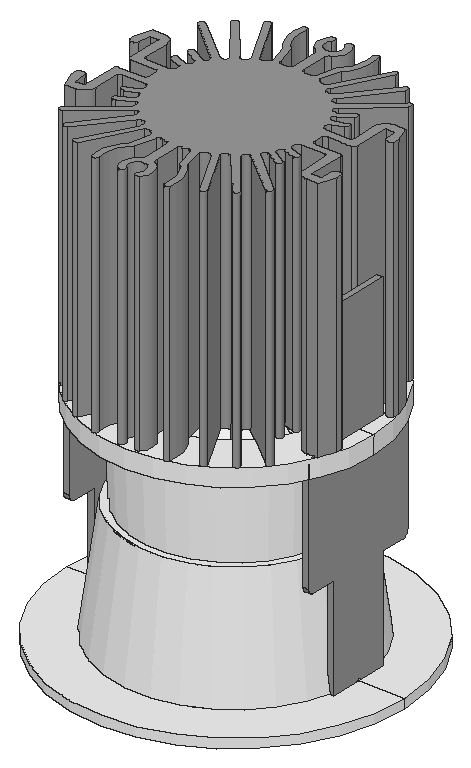
Revit family "Artemide_Everything_55", category Lighting Fixtures, Revit 2018
Family settings
  Round Connector Dimension = Use Diameter
  Part Type = Normal
  Work Plane-Based = Yes
  Always vertical = Yes
  Cut with Voids When Loaded = Yes
  Light Source = Yes
  Shared = No
  Room Calculation Point = No
Parameters (values of type "Everything_55_Round_20°_3000K_Silver_NL4204118K002")
  Wattage = 8.5 W
  built-in parameter 1150110 = 1 (stored number, unit not read)
  Voltage = "-"
  V_Square = no
  V_Round = yes
  built-in parameter 1114217 = 1 (stored number, unit not read)
  Tilt Angle = 60.00°
  built-in parameter 1150109 = 1 (stored number, unit not read)
  built-in parameter 1150134 = (empty or 0)
  built-in parameter 1150113 = 1 (stored number, unit not read)
  Radius_RoundVoidReal = if(V_Square, 0.3 mm, Radius_RoundVoid)  # 22.5 mm
  Radius_RoundVoid = 22.5 mm
  Product Range = "Everything"
  Photometric Web File = "NL4204118K002.IES"
  built-in parameter 1150142 = "IESNA:LM-63-2002\r\n[TEST] FTS1500345\r\n[TESTLAB] ARTEMIDE\r\n[TESTDATE] 17 Feb 2015\r\n[ISSUEDATE] 17 Feb 2015\r\n[MANUFAC] ARTEMIDE\r\n[LUMCAT] NL4204118K002\r\n[LUMINAIRE] Everything 55 700mA round 20° - cornice grigia - 3000K\r\n[FLASHAREA] 0.000233\r\n[LAMPCAT] 3000K - Imax=7991 cd/klm - LED Flux=755 lm - LED Power=8.5 W - Eff=84 % - EfcLED=89 lm/W - EfcLum=75 lm/W - Ra=80 min - SDCM=2 - Life=L70(6K)>51,400 ore\r\n[LAMP] 3000K - Imax=7991 cd/klm - LED Flux=755 lm - LED Power=8.5 W - Eff=84 % - EfcLED=89 lm/W - EfcLum=75 lm/W - Ra=80 min - SDCM=2 - Life=L70(6K)>51,400 ore\r\nTILT=NONE\r\n1 634.00 1.0 91 1 1 2 -0.035 -0.035 0.000\r\n1.00 1.00 8.50\r\n0.00 1.00 2.00 3.00 4.00 5.00 6.00 7.00 8.00 9.00 10.00 \r\n11.00 12.00 13.00 14.00 15.00 16.00 17.00 18.00 19.00 \r\n20.00 21.00 22.00 23.00 24.00 25.00 26.00 27.00 28.00 \r\n29.00 30.00 31.00 32.00 33.00 34.00 35.00 36.00 37.00 \r\n38.00 39.00 40.00 41.00 42.00 43.00 44.00 45.00 46.00 \r\n47.00 48.00 49.00 50.00 51.00 52.00 53.00 54.00 55.00 \r\n56.00 57.00 58.00 59.00 60.00 61.00 62.00 63.00 64.00 \r\n65.00 66.00 67.00 68.00 69.00 70.00 71.00 72.00 73.00 \r\n74.00 75.00 76.00 77.00 78.00 79.00 80.00 81.00 82.00 \r\n83.00 84.00 85.00 86.00 87.00 88.00 89.00 90.00 \r\n0.00 \r\n5066.58 5031.07 4915.62 4728.60 4483.87 4201.78 3894.24 \r\n3567.20 3228.87 2880.19 2529.62 2181.85 1821.91 1479.63 \r\n1158.49 881.87 651.64 469.51 333.38 233.90 163.81 115.59 \r\n83.53 62.72 48.41 37.91 30.02 23.60 18.90 15.30 12.74 \r\n10.96 9.25 7.13 5.03 3.44 2.41 2.03 1.59 1.14 0.69 0.50 \r\n0.36 0.26 0.00 0.00 0.00 0.00 0.00 0.00 0.00 0.00 0.00 \r\n0.00 0.00 0.00 0.00 0.00 0.00 0.00 0.00 0.00 0.00 0.00 \r\n0.00 0.00 0.00 0.00 0.00 0.00 0.00 0.00 0.00 0.00 0.00 \r\n0.00 0.00 0.00 0.00 0.00 0.00 0.00 0.00 0.00 0.00 0.00 \r\n0.00 0.00 0.00 0.00 0.00 \r\n"
  Min Angle Light [instance] = 60.00°  # constant formula
  Max Height from ceiling = 0 mm
  Max Angle Light [instance] = 120.00°  # constant formula
  M_StructuralHousing = Artemide_Aluminum_Black
  M_Louvre = Artemide_Aluminum_BrushedSilver
  M_HousingLed = Artemide_Aluminum_BrushedSilver
  M_Diffuser = Artemide_Glass_LightBulb
  built-in parameter 1150105 = 53.605 (stored number, unit not read)
  Lumens = 673.625 lm
  built-in parameter 1150115 = 1 (stored number, unit not read)
  built-in parameter 1150137 = (empty or 0)
  built-in parameter 1150139 = (empty or 0)
  built-in parameter 1150112 = 1 (stored number, unit not read)
  built-in parameter 1150114 = 1 (stored number, unit not read)
  built-in parameter 1150132 = (empty or 0)
  built-in parameter 1150102 = (empty or 0)
  built-in parameter 1150107 = 3000 (stored number, unit not read)
  built-in parameter 1150138 = (empty or 0)
  built-in parameter 1150106 = 0.53605 (stored number, unit not read)
  IfcExportType = "NOT DEFINED"  # constant formula
  IfcExportAs = "IfcLightFixtureType"  # constant formula
  Weekly = "-"
  Warranty ID = "https://cloud.artemide.com/5-years-warranty"
  Upward Component  = 0
  Unified Glare Rating  = "-"
  Uniclass 2015 = "Pr_70_70_48"  # constant formula
  URL to O&M Manual = "https://www.artemide.com/contents/documenti/prodotto/everything_55_instructions4346448.pdf"
  URL to Energy Technology List = "-"
  Trim Material = "-"
  Trim Finish = "-"
  Trim Colour  = "-"
  Total Power = 0
  Total Light Output  = 0
  Testing method = "-"
  Supply Phase = 0
  Suitable for Photocell Control = "-"
  Suitable for Motion Detector Control = "N"
  Suitable for Dimming  = "-"
  Suitable Dimmer Type = "-"
  Standards = "-"
  Shipping Weight = 0
  Service life  = "-"
  Secondary Rated Lamp Life = 0
  Secondary Lamp Voltage = 0
  Secondary Lamp International Type Code = "-"
  Secondary Lamp Initial Lumens  = 0
  Secondary Lamp Included = "-"
  Secondary Lamp Efficacy = 0
  Secondary Lamp Colour Temperature = 0
  Secondary Lamp Colour Rendering Index = 0
  Secondary Lamp Cap = "-"
  Secondary Lamp = "N"
  Responsible Sourcing of Materials = "-"
  Responsible Extraction of Materials = "-"
  Reflector Material = "-"
  Reflector Finish = "-"
  Rated Lamp Life = 78600
  Quarterly = "-"
  Product Model Number = "NL4204118K002"
  Product Literature = "https://www.artemide.com/it/subfamily/2398219/everything-55"
  Primary Lamp Type = "LED"
  Power Supply Kit = "-"
  Power Factor = 0
  Photocell = "-"
  Overall Width = 0
  Overall Light Output Ratio = 0
  Overall Length = 55
  Overall Height = 98
  Output Lumens Indirect light = 0
  Output Lumens Direct light = 634
  Number of Secondary Lamps = 0
  Number of Primary Lamps = 1
  Number of Poles = 0
  Motion Sensor = "-"
  Motion Detector = "-"
  Monthly = "-"
  Minimum Operating Temperature = 0
  Maximum Operating Temperature = 0
  Material Ingredient Reporting = "-"
  Manufacturer Website = "https://www.artemide.com"
  Manufacturer = "Artemide"
  Maintenance Required: 8001-12000hrs  = "-"
  Maintenance Required: 601-1000hrs = "-"
  Maintenance Required: 4001-8000hrs  = "-"
  Maintenance Required: 301-600hrs  = "-"
  Maintenance Required: 2001-4000hrs  = "-"
  Maintenance Required: 1001-2000hrs  = "-"
  Maintenance Required: 0-300hrs  = "-"
  Luminance at 65deg Angle = 0
  Luminaire Type = "Floodlight"
  Luminaire Maintenance Factor = 0
  Luminaire Cleaning Interval  = "-"
  Louvre/Lens = "-"
  Location of Manufacturer = "-"
  Light Output Pattern = "-"
  Light Fixture Mounting Type = "Recessed"
  Life Cycle Analysis = "-"
  Lamp Survival Factor = "-"
  Lamp Replacement Interval = "-"
  Lamp Included = "Y"
  Lamp Holder Material = "-"
  Lamp Cap = "LED Integrated"
  LED lifetime = 78600
  LED Maintained Colour Variation         = 0
  LED Initial Colour Variation                      = 0
  International Type Code = "-"
  Intended Market = "Unset"
  Integral Fuse or Circuit Protection  = "-"
  Integral Emergency Lighting Battery Type = "-"
  Input Lumens Indirect light = 0
  Input Lumens Direct light = 755
  Initial Lumens = 634
  Infills = "-"
  IP Rating = "IP20"
  IK Rating = "-"
  IES Files  = "https://www.artemide.com/product/downloadFile/2374511/ieseu/4916763"
  Housing Material = "Aluminium"
  Housing Finish  = "Painted"
  Housing Colour  = "Silver"
  Hazardous Area Protection Type = "-"
  Hazardous Area Category = "-"
  Gross Weight = 0
  Green Guide for Specification = "-"
  Gasket Material = "-"
  Frequency  = 0
  Fixings = "-"
  Fixing Material = "-"
  Fire Shroud = "-"
  Fire Rating Duration = 0
  Fire Rated Temperature = 0
  Fire Rated = "-"
  Features = "Any additional components/accessories included in this file are required to complete the product/configuration and must be ordered separately.Please check the catalogue/dedicated brochure for more information"
  Face Width = 0
  Face Shape = "Round"
  Face Length = 0
  External Control Line Voltage = 0
  Expected Life = "-"
  Environmental Product Declaration = "-"
  End Caps/Transition Caps/Joints = "-"
  Emit from Circle Diameter = 26.3 mm
  Emit Shape Visible in Rendering = no
  Emergency light output percentage = 0
  Emergency Lighting Battery = "-"
  Emergency Charging Power       = 0
  Emergency = "N"
  Embodied Carbon  = 0
  Efficiency = 84
  built-in parameter 1150104 = 7.3626 (stored number, unit not read)
  Earth Point  = "-"
  ENEC Certification of European conformity = "N"
  Duration of Integral Emergency Lighting  = 0
  Drive Current                                          = 0
  Downward Component = 0
  Distance_SquareVoidReal = if(V_Round, 0.8 mm, Distance_SquareVoid)  # 0.8 mm
  Distance_SquareVoid = 40.48 mm
  Dimming Lamp Color Temperature Shift = <None>
  Diffusing screen = "-"
  Diffuser Material  = "-"
  Diffuser Finish = "-"
  Designed by = "Ernesto Gismondi"
  Default Elevation = 1219.2 mm
  Daylight Sensor = "-"
  Daily = "-"
  Cut Out Width = 50
  Cut Out Length = 98
  Current  = 0
  Control Gear Type = "-"
  Control Gear Standby Power  = 0
  Control Gear Required = "-"
  Control Gear Location = "-"
  Column = "-"
  Colour Temperature = 3000
  Colour Rendering Index = 80
  Color Filter = 16777215
  Cable Material = "-"
  CE Approval = "Y"
  Bespoke Timeframe = "-"
  Beam Angle Transverse Axis  = 0.00°
  Beam Angle Longditudinal Axis  = 0.00°
  Basis of lifetime luminaire failures        = 0
  Basis of lifetime lumen depreciation   = 0
  built-in parameter 1114218 = 1 (stored number, unit not read)
  built-in parameter 1150133 = 10 (stored number, unit not read)
  Application Environment = "Internal"
  Annually = "-"
  Angle_LightReal [instance] = if(not(Adjustable), 90.00°, Angle_LightRange)  # 90.00°
  Angle_LightRange [instance] = if(Angle_Light < Angle_LightMin, Min Angle Light, if(Angle_Light > Angle_LightMax, Max Angle Light, Angle_Light))  # 60.00°
  Angle_LightMin [instance] = Angle_LightMax - 60.00°  # 60.00°
  Angle_LightMax [instance] = 120.00°  # constant formula
  Angle_LightFixed [instance] = 90.00°  # constant formula
  Angle_Light [instance] = 60.00°
  Ambient Temperature                             = 0
  Air Handling = "-"
  Adjustable = no
  Access Clearance Top = 0
  Access Clearance Right = 0
  Access Clearance Rear = 0
  Access Clearance Left = 0
  Access Clearance Front = 0
  Access Clearance Bottom = 0
  6 Monthly = "-"
Reference planes
  plane 1 "Center (Front/Back)": y = 0
  plane 2: z = 0
  plane 3 "Center (Left/Right)": x = 0
  plane 4 "Bottom Lamp": z = -1.5
  plane 5: z = 19.264
  plane 6: z = 33.8
  plane 7: z = 34.894
  plane 8: z = 36.7
  plane 9: z = 76.7
  plane 10: x = -27.5
  plane 11: x = -18.75
  plane 12: z = 20.264
  plane 13: x = -22.537
  plane 14: x = -14.564
  plane 15: x = 27.5
  plane 16: x = 18.75
  plane 17: x = 22.537
  plane 18: x = 14.564
  plane 19: y = 5
  plane 20: y = 10
  plane 21: y = -5
  plane 22: y = -10
  plane 23: x = -20
  plane 24: x = 20
  plane 25: z = 56.7
  plane 26: y = 18.7
  plane 27: y = -18.7
  plane 28: x = -19
  plane 29: x = 19
  plane 30: z = 17.5
  plane 31 "Light": z = 30.24
  plane 32: x = -0.4
  plane 33: x = 0.4
  plane 34: y = 0.4
  plane 35: y = -0.4
Forms (mm)
  Revolve 1, solid, material "Artemide_Aluminum_BrushedSilver" <- "M_Louvre", visible <- "V_Round"
    sketch origin (0, 0, 0) x (1, 0, 0) y (0, 0, 1)
      loop
        line (-27.5, -1.5) -> (-18.75, -1.5) -> (-15.832, 19.264) -> (-17.351, 19.264) -> (-20.058, 0) -> (-27.5, 0) -> (-27.5, -1.5)
      axis (0, 19.264) -> (0, -1.5)
    angle from 0 to 360
  Revolve 2, solid, material "Artemide_Glass_LightBulb" <- "M_Diffuser"
    sketch origin (0, 0, 0) x (1, 0, 0) y (0, 0, 1)
      loop
        line (0, 19.264) -> (0, 20.264) -> (-14.564, 20.264) -> (-14.564, 19.264) -> (0, 19.264)
      axis (0, 20.264) -> (0, 19.264)
    angle from 0 to 360
  Revolve 3, solid, material "Artemide_Aluminum_BrushedSilver" <- "M_HousingLed"
    sketch origin (0, 0, 0) x (1, 0, 0) y (0, 0, 1)
      loop
        line (-22.537, 36.7) -> (-22.537, 33.8) -> (-16.708, 33.8) -> (-16.207, 19.264) -> (-14.564, 19.264) -> (-14.564, 20.264) -> (-13.125, 20.264)
        arc (-13.125, 20.264) -> (-10.38, 27.538) -> (-5.771, 33.8) r 28.5
        line (-5.771, 33.8) -> (0, 33.8) -> (0, 34.894) -> (-6.8, 34.894)
        arc (-6.8, 34.894) -> (-11.657, 28.33) -> (-14.564, 20.7) r 30
        line (-14.564, 20.7) -> (-15.329, 36.7) -> (-22.537, 36.7)
      axis (0, 36.7) -> (0, 19.264)
    angle from 0 to 360
  Extrusion 4, solid, material "Artemide_Aluminum_Black" <- "M_StructuralHousing"
    sketch origin (0, 0, 0) x (0, 1, 0) y (0, 0, 1)
      loop
        line (5, 56.7) -> (-5, 56.7) -> (-5, 36.7) -> (-9, 36.7)
        arc (-9, 36.7) -> (-9.707, 36.407) -> (-10, 35.7) r 1
        line (-10, 35.7) -> (-10, 17.7)
        arc (-10, 17.7) -> (-9.707, 16.993) -> (-9, 16.7) r 1
        line (-9, 16.7) -> (-5, 16.7) -> (-5, 0) -> (5, 0) -> (5, 16.7) -> (9, 16.7)
        arc (9, 16.7) -> (9.707, 16.993) -> (10, 17.7) r 1
        line (10, 17.7) -> (10, 35.7)
        arc (10, 35.7) -> (9.707, 36.407) -> (9, 36.7) r 1
        line (9, 36.7) -> (5, 36.7) -> (5, 56.7)
    from -20 to -19
  Extrusion 5, solid, material "Artemide_Aluminum_Black" <- "M_StructuralHousing"
    sketch origin (0, 0, 0) x (0, 1, 0) y (0, 0, -1)
      loop
        line (5, -56.7) -> (5, -36.7) -> (9, -36.7)
        arc (9, -36.7) -> (9.707, -36.407) -> (10, -35.7) r 1
        line (10, -35.7) -> (10, -17.7)
        arc (10, -17.7) -> (9.707, -16.993) -> (9, -16.7) r 1
        line (9, -16.7) -> (5, -16.7) -> (5, 0) -> (-5, 0) -> (-5, -16.7) -> (-9, -16.7)
        arc (-9, -16.7) -> (-9.707, -16.993) -> (-10, -17.7) r 1
        line (-10, -17.7) -> (-10, -35.7)
        arc (-10, -35.7) -> (-9.707, -36.407) -> (-9, -36.7) r 1
        line (-9, -36.7) -> (-5, -36.7) -> (-5, -56.7) -> (5, -56.7)
    from -20 to -19
  Sweep 6, solid, material "Artemide_Aluminum_BrushedSilver" <- "M_Louvre", visible <- "V_Square"
    path origin (0, 0, -1.5) x (-1, 0, 0) y (0, -1, 0)
      loop
        line (18.75, -18.7) -> (18.75, 18.7) -> (-18.75, 18.7) -> (-18.75, -18.7) -> (18.75, -18.7)
    profile origin (0, 18.7, -1.5) x (0, 1, 0) y (0, 0, 1)
      loop
        line (0, 0) -> (8.8, 0) -> (8.8, 1.5) -> (1.49, 1.5)
        arc (1.49, 1.5) -> (0.691, 10.089) -> (-1.352, 18.469) r 58.945
        line (-1.352, 18.469) -> (-1.352, 20.764) -> (-2.777, 20.764) -> (-2.777, 18)
        arc (-2.777, 18) -> (-0.848, 9.083) -> (0, 0) r 76.148
  Extrusion 7, solid, material "Artemide_Aluminum_BrushedSilver" <- "M_Louvre", visible <- "V_Square"
    sketch origin (0, 0, -1.5) x (-1, 0, 0) y (0, -1, 0)
      loop
        line (15.973, -15.923) -> (15.973, 15.923) -> (-15.973, 15.923) -> (-15.973, -15.923) -> (15.973, -15.923)
      loop
        circle (0, 0) r 14.564
    from 19 to 20.764
  Extrusion 8, void
    sketch origin (0, 0, -1.5) x (-1, 0, 0) y (0, -1, 0)
      loop
        circle (0, 0) r 22.5
    from 1.5 to 78.2
  Extrusion 9, solid, material "Artemide_Aluminum_Black" <- "M_StructuralHousing"
    sketch origin (0, 0, -1.5) x (-1, 0, 0) y (0, -1, 0)
      loop
        line (2.839, -12.719) -> (3.699, -15.93)
        arc (3.699, -15.93) -> (5.228, -18.291) -> (5.389, -21.1) r 5.5
        arc (5.389, -21.1) -> (5.779, -21.69) -> (6.369, -21.3) r 0.5
        arc (6.369, -21.3) -> (6.253, -18.225) -> (4.735, -15.547) r 6.5
        line (4.735, -15.547) -> (3.885, -12.374)
        arc (3.885, -12.374) -> (4.525, -11.64) -> (5.494, -11.734) r 1.064
        line (5.494, -11.734) -> (9.891, -19.667)
        arc (9.891, -19.667) -> (10.563, -19.866) -> (10.774, -19.198) r 0.5
        line (10.774, -19.198) -> (6.371, -11.255)
        arc (6.371, -11.255) -> (6.663, -10.237) -> (7.681, -10.529) r 0.749
        line (7.681, -10.529) -> (13.462, -17.419)
        arc (13.462, -17.419) -> (14.16, -17.486) -> (14.239, -16.789) r 0.5
        line (14.239, -16.789) -> (8.655, -9.642)
        arc (8.655, -9.642) -> (8.705, -8.825) -> (9.521, -8.775) r 0.618
        line (9.521, -8.775) -> (16.536, -14.528)
        arc (16.536, -14.528) -> (17.235, -14.464) -> (17.181, -13.764) r 0.5
        line (17.181, -13.764) -> (10.335, -7.813)
        arc (10.335, -7.813) -> (10.218, -7.111) -> (10.885, -6.862) r 0.56
        line (10.885, -6.862) -> (13.077, -8.128)
        arc (13.077, -8.128) -> (13.76, -7.944) -> (13.577, -7.261) r 0.5
        line (13.577, -7.261) -> (11.475, -6.048)
        arc (11.475, -6.048) -> (11.317, -5.277) -> (12.009, -4.903) r 0.66
        line (12.009, -4.903) -> (13.82, -5.562)
        arc (13.82, -5.562) -> (14.461, -5.263) -> (14.161, -4.622) r 0.5
        line (14.161, -4.622) -> (12.351, -3.963)
        arc (12.351, -3.963) -> (12.056, -3.141) -> (12.649, -2.5) r 0.842
        line (12.649, -2.5) -> (16.5, -2.5)
        arc (16.5, -2.5) -> (16.854, -2.646) -> (17, -3) r 0.5
        line (17, -3) -> (17, -7.2)
        arc (17, -7.2) -> (17.527, -8.473) -> (18.8, -9) r 1.8
        line (18.8, -9) -> (20.622, -9)
        arc (20.622, -9) -> (21.142, -7.7) -> (21.58, -6.37) r 22.5
        line (21.58, -6.37) -> (21.58, -5.358)
        arc (21.58, -5.358) -> (20.797, -4.979) -> (20.1, -5.5) r 0.837
        line (20.1, -5.5) -> (19.986, -7.5) -> (18.5, -7.5) -> (18.5, -1.75)
        arc (18.5, -1.75) -> (18.354, -1.396) -> (18, -1.25) r 0.5
        line (18, -1.25) -> (14, -1.25)
        arc (14, -1.25) -> (13.646, -1.104) -> (13.5, -0.75) r 0.5
        line (13.5, -0.75) -> (13.5, 0.75)
        arc (13.5, 0.75) -> (13.646, 1.104) -> (14, 1.25) r 0.5
        line (14, 1.25) -> (18, 1.25)
        arc (18, 1.25) -> (18.354, 1.396) -> (18.5, 1.75) r 0.5
        line (18.5, 1.75) -> (18.5, 7.5) -> (19.986, 7.5) -> (20.1, 5.5)
        arc (20.1, 5.5) -> (20.797, 4.979) -> (21.58, 5.358) r 0.837
        line (21.58, 5.358) -> (21.58, 6.37)
        arc (21.58, 6.37) -> (21.142, 7.7) -> (20.622, 9) r 22.5
        line (20.622, 9) -> (18.8, 9)
        arc (18.8, 9) -> (17.527, 8.473) -> (17, 7.2) r 1.8
        line (17, 7.2) -> (17, 3)
        arc (17, 3) -> (16.854, 2.646) -> (16.5, 2.5) r 0.5
        line (16.5, 2.5) -> (12.649, 2.5)
        arc (12.649, 2.5) -> (12.056, 3.141) -> (12.351, 3.963) r 0.842
        line (12.351, 3.963) -> (14.161, 4.622)
        arc (14.161, 4.622) -> (14.461, 5.263) -> (13.82, 5.562) r 0.5
        line (13.82, 5.562) -> (12.009, 4.903)
        arc (12.009, 4.903) -> (11.317, 5.277) -> (11.475, 6.048) r 0.66
        line (11.475, 6.048) -> (13.577, 7.261)
        arc (13.577, 7.261) -> (13.76, 7.944) -> (13.077, 8.128) r 0.5
        line (13.077, 8.128) -> (10.885, 6.862)
        arc (10.885, 6.862) -> (10.218, 7.111) -> (10.335, 7.813) r 0.56
        line (10.335, 7.813) -> (17.181, 13.764)
        arc (17.181, 13.764) -> (17.235, 14.464) -> (16.536, 14.528) r 0.5
        line (16.536, 14.528) -> (9.521, 8.775)
        arc (9.521, 8.775) -> (8.705, 8.825) -> (8.655, 9.642) r 0.618
        line (8.655, 9.642) -> (14.239, 16.789)
        arc (14.239, 16.789) -> (14.16, 17.486) -> (13.462, 17.419) r 0.5
        line (13.462, 17.419) -> (7.681, 10.529)
        arc (7.681, 10.529) -> (6.663, 10.237) -> (6.371, 11.255) r 0.749
        line (6.371, 11.255) -> (10.774, 19.198)
        arc (10.774, 19.198) -> (10.563, 19.866) -> (9.891, 19.667) r 0.5
        line (9.891, 19.667) -> (5.494, 11.734)
        arc (5.494, 11.734) -> (4.525, 11.64) -> (3.885, 12.374) r 1.064
        line (3.885, 12.374) -> (4.735, 15.547)
        arc (4.735, 15.547) -> (6.253, 18.225) -> (6.369, 21.3) r 6.5
        arc (6.369, 21.3) -> (5.779, 21.69) -> (5.389, 21.1) r 0.5
        arc (5.389, 21.1) -> (5.228, 18.291) -> (3.699, 15.93) r 5.5
        line (3.699, 15.93) -> (2.839, 12.719)
        arc (2.839, 12.719) -> (2.595, 12.386) -> (2.191, 12.307) r 0.568
        arc (2.191, 12.307) -> (1.723, 12.381) -> (1.252, 12.437) r 12.5
        arc (1.252, 12.437) -> (0.894, 12.618) -> (0.75, 12.993) r 0.558
        line (0.75, 12.993) -> (0.75, 16.969)
        arc (0.75, 16.969) -> (0.884, 17.469) -> (1.25, 17.835) r 1
        arc (1.25, 17.835) -> (2.473, 19.633) -> (1.825, 21.709) r 2.5
        arc (1.825, 21.709) -> (1.03, 21.735) -> (1.004, 20.94) r 0.562
        arc (1.004, 20.94) -> (0, 18.625) -> (-1.004, 20.94) r 1.375
        arc (-1.004, 20.94) -> (-1.029, 21.735) -> (-1.824, 21.71) r 0.562
        arc (-1.824, 21.71) -> (-2.473, 19.633) -> (-1.249, 17.834) r 2.5
        arc (-1.249, 17.834) -> (-0.884, 17.468) -> (-0.75, 16.969) r 1
        line (-0.75, 16.969) -> (-0.75, 12.993)
        arc (-0.75, 12.993) -> (-0.894, 12.618) -> (-1.252, 12.437) r 0.558
        arc (-1.252, 12.437) -> (-1.723, 12.381) -> (-2.191, 12.307) r 12.5
        arc (-2.191, 12.307) -> (-2.595, 12.386) -> (-2.839, 12.719) r 0.568
        line (-2.839, 12.719) -> (-3.699, 15.93)
        arc (-3.699, 15.93) -> (-5.228, 18.291) -> (-5.389, 21.1) r 5.5
        arc (-5.389, 21.1) -> (-5.779, 21.69) -> (-6.369, 21.3) r 0.5
        arc (-6.369, 21.3) -> (-6.253, 18.225) -> (-4.735, 15.547) r 6.5
        line (-4.735, 15.547) -> (-3.885, 12.374)
        arc (-3.885, 12.374) -> (-4.525, 11.64) -> (-5.494, 11.734) r 1.064
        line (-5.494, 11.734) -> (-9.891, 19.667)
        arc (-9.891, 19.667) -> (-10.563, 19.866) -> (-10.774, 19.198) r 0.5
        line (-10.774, 19.198) -> (-6.371, 11.255)
        arc (-6.371, 11.255) -> (-6.663, 10.237) -> (-7.681, 10.529) r 0.749
        line (-7.681, 10.529) -> (-13.462, 17.419)
        arc (-13.462, 17.419) -> (-14.16, 17.486) -> (-14.239, 16.789) r 0.5
        line (-14.239, 16.789) -> (-8.655, 9.642)
        arc (-8.655, 9.642) -> (-8.705, 8.825) -> (-9.521, 8.775) r 0.618
        line (-9.521, 8.775) -> (-16.536, 14.528)
        arc (-16.536, 14.528) -> (-17.235, 14.464) -> (-17.181, 13.764) r 0.5
        line (-17.181, 13.764) -> (-10.335, 7.813)
        arc (-10.335, 7.813) -> (-10.218, 7.111) -> (-10.885, 6.862) r 0.56
        line (-10.885, 6.862) -> (-13.077, 8.128)
        arc (-13.077, 8.128) -> (-13.76, 7.944) -> (-13.577, 7.261) r 0.5
        line (-13.577, 7.261) -> (-11.475, 6.048)
        arc (-11.475, 6.048) -> (-11.317, 5.277) -> (-12.009, 4.903) r 0.66
        line (-12.009, 4.903) -> (-13.82, 5.562)
        arc (-13.82, 5.562) -> (-14.461, 5.263) -> (-14.161, 4.622) r 0.5
        line (-14.161, 4.622) -> (-12.351, 3.963)
        arc (-12.351, 3.963) -> (-12.056, 3.141) -> (-12.649, 2.5) r 0.842
        line (-12.649, 2.5) -> (-16.5, 2.5)
        arc (-16.5, 2.5) -> (-16.854, 2.646) -> (-17, 3) r 0.5
        line (-17, 3) -> (-17, 7.2)
        arc (-17, 7.2) -> (-17.527, 8.473) -> (-18.8, 9) r 1.8
        line (-18.8, 9) -> (-20.622, 9)
        arc (-20.622, 9) -> (-21.142, 7.7) -> (-21.58, 6.37) r 22.5
        line (-21.58, 6.37) -> (-21.58, 5.358)
        arc (-21.58, 5.358) -> (-20.797, 4.979) -> (-20.1, 5.5) r 0.837
        line (-20.1, 5.5) -> (-19.986, 7.5) -> (-18.5, 7.5) -> (-18.5, 1.75)
        arc (-18.5, 1.75) -> (-18.354, 1.396) -> (-18, 1.25) r 0.5
        line (-18, 1.25) -> (-14, 1.25)
        arc (-14, 1.25) -> (-13.646, 1.104) -> (-13.5, 0.75) r 0.5
        line (-13.5, 0.75) -> (-13.5, -0.75)
        arc (-13.5, -0.75) -> (-13.646, -1.104) -> (-14, -1.25) r 0.5
        line (-14, -1.25) -> (-18, -1.25)
        arc (-18, -1.25) -> (-18.354, -1.396) -> (-18.5, -1.75) r 0.5
        line (-18.5, -1.75) -> (-18.5, -7.5) -> (-19.986, -7.5) -> (-20.1, -5.5)
        arc (-20.1, -5.5) -> (-20.797, -4.979) -> (-21.58, -5.358) r 0.837
        line (-21.58, -5.358) -> (-21.58, -6.37)
        arc (-21.58, -6.37) -> (-21.142, -7.7) -> (-20.622, -9) r 22.5
        line (-20.622, -9) -> (-18.8, -9)
        arc (-18.8, -9) -> (-17.527, -8.473) -> (-17, -7.2) r 1.8
        line (-17, -7.2) -> (-17, -3)
        arc (-17, -3) -> (-16.854, -2.646) -> (-16.5, -2.5) r 0.5
        line (-16.5, -2.5) -> (-12.649, -2.5)
        arc (-12.649, -2.5) -> (-12.056, -3.141) -> (-12.351, -3.963) r 0.842
        line (-12.351, -3.963) -> (-14.161, -4.622)
        arc (-14.161, -4.622) -> (-14.461, -5.263) -> (-13.82, -5.562) r 0.5
        line (-13.82, -5.562) -> (-12.009, -4.903)
        arc (-12.009, -4.903) -> (-11.317, -5.277) -> (-11.475, -6.048) r 0.66
        line (-11.475, -6.048) -> (-13.577, -7.261)
        arc (-13.577, -7.261) -> (-13.76, -7.944) -> (-13.077, -8.128) r 0.5
        line (-13.077, -8.128) -> (-10.885, -6.862)
        arc (-10.885, -6.862) -> (-10.218, -7.111) -> (-10.335, -7.813) r 0.56
        line (-10.335, -7.813) -> (-17.181, -13.764)
        arc (-17.181, -13.764) -> (-17.235, -14.464) -> (-16.536, -14.528) r 0.5
        line (-16.536, -14.528) -> (-9.521, -8.775)
        arc (-9.521, -8.775) -> (-8.705, -8.825) -> (-8.655, -9.642) r 0.618
        line (-8.655, -9.642) -> (-14.239, -16.789)
        arc (-14.239, -16.789) -> (-14.16, -17.486) -> (-13.462, -17.419) r 0.5
        line (-13.462, -17.419) -> (-7.681, -10.529)
        arc (-7.681, -10.529) -> (-6.663, -10.237) -> (-6.371, -11.255) r 0.749
        line (-6.371, -11.255) -> (-10.774, -19.198)
        arc (-10.774, -19.198) -> (-10.563, -19.866) -> (-9.891, -19.667) r 0.5
        line (-9.891, -19.667) -> (-5.494, -11.734)
        arc (-5.494, -11.734) -> (-4.525, -11.64) -> (-3.885, -12.374) r 1.064
        line (-3.885, -12.374) -> (-4.735, -15.547)
        arc (-4.735, -15.547) -> (-6.253, -18.225) -> (-6.369, -21.3) r 6.5
        arc (-6.369, -21.3) -> (-5.779, -21.69) -> (-5.389, -21.101) r 0.5
        arc (-5.389, -21.101) -> (-5.228, -18.292) -> (-3.699, -15.93) r 5.5
        line (-3.699, -15.93) -> (-2.839, -12.719)
        arc (-2.839, -12.719) -> (-2.595, -12.386) -> (-2.191, -12.307) r 0.568
        arc (-2.191, -12.307) -> (-1.723, -12.381) -> (-1.252, -12.437) r 12.5
        arc (-1.252, -12.437) -> (-0.894, -12.618) -> (-0.75, -12.993) r 0.558
        line (-0.75, -12.993) -> (-0.75, -16.969)
        arc (-0.75, -16.969) -> (-0.884, -17.468) -> (-1.249, -17.834) r 1
        arc (-1.249, -17.834) -> (-2.473, -19.633) -> (-1.824, -21.71) r 2.5
        arc (-1.824, -21.71) -> (-1.029, -21.735) -> (-1.004, -20.94) r 0.562
        arc (-1.004, -20.94) -> (0, -18.625) -> (1.004, -20.94) r 1.375
        arc (1.004, -20.94) -> (1.029, -21.735) -> (1.824, -21.709) r 0.562
        arc (1.824, -21.709) -> (2.473, -19.633) -> (1.25, -17.835) r 2.5
        arc (1.25, -17.835) -> (0.884, -17.469) -> (0.75, -16.969) r 1
        line (0.75, -16.969) -> (0.75, -12.993)
        arc (0.75, -12.993) -> (0.894, -12.618) -> (1.252, -12.437) r 0.558
        arc (1.252, -12.437) -> (1.723, -12.381) -> (2.191, -12.307) r 12.5
        arc (2.191, -12.307) -> (2.595, -12.386) -> (2.839, -12.719) r 0.568
    from 38.2 to 78.2
  Extrusion 10, void
    sketch origin (0, 0, -1.5) x (-1, 0, 0) y (0, -1, 0)
      loop
        line (0.4, -0.4) -> (0.4, 0.4) -> (-0.4, 0.4) -> (-0.4, -0.4) -> (0.4, -0.4)
    from 1.5 to 78.2
Cuts and joins
  joined: Sweep 6, Extrusion 7
Dimensions and locks
  locked: plane 9 to plane 2 at 76.7
  locked: plane 2 to plane 4 "Bottom Lamp" at 1.5
  plane 9 to plane 8 to plane 7 to plane 6 to plane 31 "Light" to plane 12 to plane 5 to plane 30 = 40 mm locked, 1.806 mm locked, 1.094 mm locked, 3.56 mm locked, 9.976 mm locked, 1 mm locked, 1.764 mm locked
  locked: plane 3 "Center (Left/Right)" to plane 10 at 27.5
  plane 10 to plane 13 to plane 23 to plane 28 to plane 11 to plane 14 = 4.963 mm locked, 2.537 mm locked, 1 mm locked, 0.25 mm locked, 4.186 mm locked
  locked: plane 3 "Center (Left/Right)" to plane 15 at 27.5
  plane 15 to plane 17 to plane 24 to plane 29 to plane 16 to plane 18 = 4.963 mm locked, 2.537 mm locked, 1 mm locked, 0.25 mm locked, 4.186 mm locked
  plane 20 to plane 19 to plane 1 "Center (Front/Back)" = 5 mm locked, 5 mm locked
  plane 1 "Center (Front/Back)" to plane 21 to plane 22 = 5 mm locked, 5 mm locked
  locked: plane 26 to plane 1 "Center (Front/Back)" at 18.7
  locked: plane 27 to plane 1 "Center (Front/Back)" at 18.7
  equal spacing: plane 32, plane 3 "Center (Left/Right)", plane 33
  "Distance_SquareVoidReal": plane 32 to plane 33
  equal spacing: plane 34, plane 1 "Center (Front/Back)", plane 35
  "Distance_SquareVoidReal": plane 34 to plane 35
  "Radius_RoundVoidReal": radius of Extrusion 8 sketch curve
  aligned and locked: level to plane 2
  aligned and locked: Revolve 1 sketch curve to plane 2
  aligned and locked: Revolve 1 sketch curve to plane 4 "Bottom Lamp"
  aligned and locked: Revolve 1 sketch curve to plane 10
  aligned and locked: Revolve 1 sketch curve to plane 5
  aligned and locked: Revolve 1 sketch curve to plane 3 "Center (Left/Right)"
  aligned and locked: Revolve 2 sketch curve to plane 14
  aligned and locked: Revolve 2 sketch curve to plane 12
  aligned and locked: Revolve 2 sketch curve to plane 3 "Center (Left/Right)"  (x2)
  aligned and locked: plane 5 to Revolve 2 sketch curve
  aligned and locked: Revolve 3 sketch curve to plane 5
  aligned and locked: Revolve 3 sketch curve to plane 6  (x2)
  aligned and locked: plane 13 to Revolve 3 sketch curve
  aligned and locked: Revolve 3 sketch curve to plane 8
  aligned and locked: Revolve 3 sketch curve to plane 14
  aligned and locked: Revolve 3 sketch curve to plane 12
  aligned and locked: Revolve 3 sketch curve to plane 7
  aligned and locked: plane 3 "Center (Left/Right)" to Revolve 3 sketch curve
  aligned and locked: Revolve 3 sketch curve to plane 3 "Center (Left/Right)"
  aligned and locked: Extrusion 4 sketch curve to plane 25
  aligned and locked: Extrusion 4 sketch curve to plane 21  (x2)
  aligned and locked: Extrusion 4 sketch curve to plane 8
  aligned and locked: plane 22 to Extrusion 4 sketch curve
  aligned and locked: plane 8 to Extrusion 4 sketch curve
  aligned and locked: Extrusion 4 sketch curve to plane 20
  aligned and locked: plane 19 to Extrusion 4 sketch curve  (x2)
  aligned and locked: Extrusion 4 sketch curve to plane 2
  aligned and locked: plane 23 to Extrusion 4
  aligned and locked: plane 24 to Extrusion 5
  aligned and locked: plane 25 to Extrusion 5 sketch curve
  aligned and locked: Extrusion 5 sketch curve to plane 19  (x2)
  aligned and locked: Extrusion 5 sketch curve to plane 8
  aligned and locked: plane 20 to Extrusion 5 sketch curve
  aligned and locked: plane 2 to Extrusion 5 sketch curve
  aligned and locked: plane 21 to Extrusion 5 sketch curve  (x2)
  aligned and locked: Extrusion 5 sketch curve to plane 22
  aligned and locked: plane 8 to Extrusion 5 sketch curve
  aligned and locked: Sweep 6 sketch curve to plane 26
  aligned and locked: Sweep 6 sketch curve to plane 16
  aligned and locked: Sweep 6 sketch curve to plane 27
  aligned and locked: Sweep 6 sketch curve to plane 11
  aligned and locked: Sweep 6 sketch curve to plane 5
  aligned and locked: Sweep 6 sketch curve to plane 2
  aligned and locked: plane 4 "Bottom Lamp" to Sweep 6 sketch curve
  aligned and locked: Extrusion 4 to plane 28
  aligned and locked: Extrusion 5 to plane 29
  aligned and locked: plane 3 "Center (Left/Right)" to Extrusion 7 sketch curve
  aligned and locked: plane 1 "Center (Front/Back)" to Extrusion 7 sketch curve
  aligned and locked: Extrusion 7 to plane 30
  aligned and locked: plane 5 to Extrusion 7
  aligned and locked: plane 1 "Center (Front/Back)" to imposter light
  aligned and locked: plane 3 "Center (Left/Right)" to imposter light
  aligned and locked: plane 3 "Center (Left/Right)" to Extrusion 8 sketch curve
  aligned and locked: plane 1 "Center (Front/Back)" to Extrusion 8 sketch curve
  aligned and locked: Extrusion 9 to plane 8
  aligned and locked: plane 9 to Extrusion 9
  aligned and locked: Extrusion 8 to plane 2
  aligned and locked: plane 9 to Extrusion 8
  aligned and locked: Extrusion 10 sketch curve to plane 33
  aligned and locked: Extrusion 10 sketch curve to plane 35
  aligned and locked: Extrusion 10 sketch curve to plane 32
  aligned and locked: Extrusion 10 sketch curve to plane 34
  aligned and locked: Extrusion 10 to plane 2
  aligned and locked: plane 9 to Extrusion 10
Automatic sketch dimensions
  plane 11 to Revolve 1 sketch curve = 0 mm
  plane 23 to Revolve 1 sketch curve = 0.058 mm
  Revolve 1 sketch curve to plane 11 = 1.399 mm
  plane 14 to Revolve 1 sketch curve = 1.268 mm
  Revolve 1 sketch curve to plane 4 "Bottom Lamp" = 364.545 mm
  plane 9 to Revolve 1 sketch curve = 2137.615 mm
  Revolve 2 sketch curve to plane 4 "Bottom Lamp" = 364.545 mm
  plane 9 to Revolve 2 sketch curve = 2137.615 mm
  Revolve 3 sketch curve to Revolve 3 sketch curve = 0 mm  (x2)
  plane 14 to Revolve 3 sketch curve = 0 mm
  Revolve 3 sketch curve to plane 11 = 2.042 mm
  plane 14 to Revolve 3 sketch curve = 1.642 mm
  plane 14 to Revolve 3 sketch curve = 0.765 mm
  Revolve 3 sketch curve to Revolve 3 sketch curve = 1.439 mm
  Revolve 3 sketch curve to Revolve 3 sketch curve = 6.8 mm
  Revolve 3 sketch curve to Revolve 3 sketch curve = 1.029 mm
  plane 18 to Revolve 3 sketch curve = 0.098 mm
  Revolve 3 sketch curve to plane 4 "Bottom Lamp" = 364.545 mm
  plane 9 to Revolve 3 sketch curve = 2137.615 mm
  Extrusion 4 sketch curve to plane 22 = 1 mm  (x2)
  Extrusion 4 sketch curve to plane 20 = 1 mm  (x2)
  plane 30 to Extrusion 4 sketch curve = 0.2 mm
  Extrusion 4 sketch curve to plane 30 = 0.8 mm
  Extrusion 5 sketch curve to plane 22 = 1 mm  (x2)
  Extrusion 5 sketch curve to plane 20 = 1 mm  (x2)
  plane 30 to Extrusion 5 sketch curve = 0.2 mm  (x2)
  Sweep 6 sketch curve to profile plane = 0 mm
  profile plane to Sweep 6 sketch curve = 1.352 mm
  Sweep 6 sketch curve to Sweep 6 sketch curve = 1.425 mm
  plane 4 "Bottom Lamp" to Sweep 6 sketch curve = 0.352 mm
  profile plane to Sweep 6 sketch curve = 57.444 mm
  Sweep 6 sketch curve to plane 4 "Bottom Lamp" = 2.528 mm
  Sweep 6 sketch curve to Sweep 6 sketch curve = 18.662 mm
  Sweep 6 sketch curve to profile plane = 1.49 mm
  Sweep 6 sketch curve to Sweep 6 sketch curve = 7.31 mm
  plane 18 to Extrusion 7 sketch curve = 1.409 mm
  plane 14 to Extrusion 7 sketch curve = 1.409 mm
  Extrusion 7 sketch curve to plane 26 = 2.777 mm
  Extrusion 7 sketch curve to plane 27 = 2.777 mm
  Extrusion 9 sketch curve to Extrusion 9 sketch curve = 0 mm  (x166)
  plane 1 "Center (Front/Back)" to Extrusion 9 sketch curve = 0 mm
  Extrusion 9 sketch curve to plane 3 "Center (Left/Right)" = 0 mm  (x3)
  plane 3 "Center (Left/Right)" to Extrusion 9 sketch curve = 0.75 mm  (x2)
  Extrusion 9 sketch curve to Extrusion 9 sketch curve = 0.558 mm  (x6)
  plane 3 "Center (Left/Right)" to Extrusion 9 sketch curve = 1.414 mm  (x2)
  Extrusion 9 sketch curve to Extrusion 9 sketch curve = 1 mm  (x4)
  Extrusion 9 sketch curve to Extrusion 9 sketch curve = 0.982 mm  (x4)
  Extrusion 9 sketch curve to Extrusion 9 sketch curve = 0.549 mm  (x4)
  Extrusion 9 sketch curve to plane 27 = 2.77 mm
  Extrusion 9 sketch curve to Extrusion 9 sketch curve = 1.949 mm  (x4)
  Extrusion 9 sketch curve to plane 26 = 2.77 mm
  Extrusion 9 sketch curve to Extrusion 9 sketch curve = 1.046 mm  (x4)
  Extrusion 9 sketch curve to plane 27 = 3.153 mm
  Extrusion 9 sketch curve to Extrusion 9 sketch curve = 1.036 mm  (x4)
  Extrusion 9 sketch curve to plane 26 = 3.153 mm
  Extrusion 9 sketch curve to Extrusion 9 sketch curve = 1.033 mm  (x4)
  plane 20 to Extrusion 9 sketch curve = 1.734 mm  (x2)
  Extrusion 9 sketch curve to Extrusion 9 sketch curve = 0.575 mm  (x4)
  plane 22 to Extrusion 9 sketch curve = 1.734 mm  (x2)
  plane 26 to Extrusion 9 sketch curve = 2.5 mm  (x2)
  Extrusion 9 sketch curve to Extrusion 9 sketch curve = 4.465 mm  (x4)
  plane 27 to Extrusion 9 sketch curve = 2.5 mm  (x2)
  plane 22 to Extrusion 9 sketch curve = 1.255 mm  (x2)
  Extrusion 9 sketch curve to Extrusion 9 sketch curve = 0.878 mm  (x4)
  plane 20 to Extrusion 9 sketch curve = 1.255 mm  (x2)
  Extrusion 9 sketch curve to Extrusion 9 sketch curve = 0.655 mm  (x8)
  plane 22 to Extrusion 9 sketch curve = 0.529 mm  (x2)
  plane 20 to Extrusion 9 sketch curve = 0.529 mm  (x2)
  Extrusion 9 sketch curve to plane 22 = 0.358 mm  (x2)
  Extrusion 9 sketch curve to Extrusion 9 sketch curve = 0.974 mm  (x4)
  Extrusion 9 sketch curve to plane 20 = 0.358 mm  (x2)
  Extrusion 9 sketch curve to Extrusion 9 sketch curve = 0.487 mm  (x4)
  Extrusion 9 sketch curve to plane 20 = 1.225 mm  (x2)
  Extrusion 9 sketch curve to Extrusion 9 sketch curve = 0.38 mm  (x4)
  Extrusion 9 sketch curve to plane 22 = 1.225 mm  (x2)
  plane 26 to Extrusion 9 sketch curve = 0.967 mm  (x2)
  Extrusion 9 sketch curve to Extrusion 9 sketch curve = 4.012 mm  (x4)
  plane 27 to Extrusion 9 sketch curve = 0.967 mm  (x2)
  Extrusion 9 sketch curve to Extrusion 9 sketch curve = 0.437 mm  (x4)
  Extrusion 9 sketch curve to plane 22 = 2.187 mm
  Extrusion 9 sketch curve to Extrusion 9 sketch curve = 0.814 mm  (x4)
  Extrusion 9 sketch curve to Extrusion 9 sketch curve = 0.367 mm  (x4)
  plane 27 to Extrusion 9 sketch curve = 0.498 mm  (x2)
  Extrusion 9 sketch curve to Extrusion 9 sketch curve = 0.446 mm  (x4)
  plane 26 to Extrusion 9 sketch curve = 0.498 mm  (x2)
  plane 19 to Extrusion 9 sketch curve = 1.862 mm
  Extrusion 9 sketch curve to Extrusion 9 sketch curve = 0.182 mm  (x4)
  plane 21 to Extrusion 9 sketch curve = 1.862 mm  (x2)
  plane 21 to Extrusion 9 sketch curve = 1.048 mm  (x2)
  Extrusion 9 sketch curve to Extrusion 9 sketch curve = 0.59 mm  (x4)
  plane 19 to Extrusion 9 sketch curve = 1.048 mm  (x2)
  Extrusion 9 sketch curve to Extrusion 9 sketch curve = 0.44 mm  (x4)
  Extrusion 9 sketch curve to plane 21 = 0.097 mm  (x2)
  Extrusion 9 sketch curve to Extrusion 9 sketch curve = 0.094 mm  (x4)
  Extrusion 9 sketch curve to plane 19 = 0.097 mm  (x2)
  Extrusion 9 sketch curve to plane 19 = 1.037 mm  (x2)
  Extrusion 9 sketch curve to Extrusion 9 sketch curve = 0.342 mm  (x4)
  Extrusion 9 sketch curve to plane 21 = 1.037 mm  (x2)
  Extrusion 9 sketch curve to Extrusion 9 sketch curve = 0.298 mm  (x4)
  Extrusion 9 sketch curve to Extrusion 9 sketch curve = 0.529 mm  (x4)
  Extrusion 9 sketch curve to plane 18 = 1.487 mm  (x2)
  Extrusion 9 sketch curve to Extrusion 9 sketch curve = 0.25 mm  (x8)
  Extrusion 9 sketch curve to plane 18 = 1.102 mm  (x2)
  Extrusion 9 sketch curve to plane 18 = 1.064 mm
  Extrusion 9 sketch curve to plane 18 = 0.745 mm  (x2)
  Extrusion 9 sketch curve to Extrusion 9 sketch curve = 0.383 mm  (x4)
  plane 19 to Extrusion 9 sketch curve = 0.092 mm  (x2)
  Extrusion 9 sketch curve to Extrusion 9 sketch curve = 0.171 mm  (x4)
  plane 21 to Extrusion 9 sketch curve = 0.092 mm  (x2)
  Extrusion 9 sketch curve to Extrusion 9 sketch curve = 0.5 mm  (x4)
  Extrusion 9 sketch curve to plane 18 = 0.564 mm
  Extrusion 9 sketch curve to plane 18 = 0.403 mm  (x2)
  Extrusion 9 sketch curve to plane 18 = 0.325 mm  (x2)
  plane 18 to Extrusion 9 sketch curve = 1.936 mm  (x2)
  plane 18 to Extrusion 9 sketch curve = 1.972 mm  (x2)
  Extrusion 9 sketch curve to Extrusion 9 sketch curve = 0.317 mm  (x4)
  Extrusion 9 sketch curve to Extrusion 9 sketch curve = 0.328 mm  (x4)
  Extrusion 9 sketch curve to plane 16 = 0.75 mm  (x2)
  Extrusion 9 sketch curve to plane 16 = 0.25 mm  (x2)
  plane 16 to Extrusion 9 sketch curve = 0.05 mm  (x2)
  Extrusion 9 sketch curve to plane 24 = 0.014 mm  (x2)
  plane 24 to Extrusion 9 sketch curve = 0.1 mm  (x2)
  plane 24 to Extrusion 9 sketch curve = 0.622 mm  (x2)
  Extrusion 9 sketch curve to Extrusion 9 sketch curve = 0.776 mm  (x4)
  Extrusion 9 sketch curve to Extrusion 9 sketch curve = 0.703 mm  (x4)
  plane 19 to Extrusion 9 sketch curve = 0.358 mm  (x2)
  Extrusion 9 sketch curve to plane 3 "Center (Left/Right)" = 0.75 mm  (x2)
  Extrusion 9 sketch curve to plane 3 "Center (Left/Right)" = 1.414 mm  (x2)
  Extrusion 9 sketch curve to plane 20 = 2.187 mm
  Extrusion 9 sketch curve to Extrusion 9 sketch curve = 0.231 mm
  Extrusion 9 sketch curve to plane 14 = 1.487 mm  (x2)
  Extrusion 9 sketch curve to plane 14 = 1.102 mm  (x2)
  Extrusion 9 sketch curve to plane 14 = 1.064 mm
  Extrusion 9 sketch curve to plane 14 = 0.745 mm  (x2)
  Extrusion 9 sketch curve to plane 14 = 0.564 mm
  Extrusion 9 sketch curve to plane 14 = 0.403 mm  (x2)
  Extrusion 9 sketch curve to plane 14 = 0.325 mm  (x2)
  plane 14 to Extrusion 9 sketch curve = 1.936 mm  (x2)
  plane 14 to Extrusion 9 sketch curve = 1.972 mm  (x2)
  Extrusion 9 sketch curve to plane 11 = 1.75 mm  (x2)
  Extrusion 9 sketch curve to plane 11 = 0.75 mm  (x2)
  Extrusion 9 sketch curve to plane 11 = 0.25 mm  (x2)
  plane 11 to Extrusion 9 sketch curve = 0.05 mm  (x2)
  Extrusion 9 sketch curve to plane 23 = 0.014 mm  (x2)
  plane 23 to Extrusion 9 sketch curve = 0.1 mm  (x2)
  plane 23 to Extrusion 9 sketch curve = 0.622 mm  (x2)
  Extrusion 9 sketch curve to Extrusion 9 sketch curve = 1.324 mm  (x4)
  Extrusion 9 sketch curve to plane 26 = 1.281 mm  (x2)
  Extrusion 9 sketch curve to Extrusion 9 sketch curve = 0.321 mm  (x2)
  Extrusion 9 sketch curve to plane 26 = 1.731 mm
  Extrusion 9 sketch curve to Extrusion 9 sketch curve = 1.039 mm
  Extrusion 9 sketch curve to Extrusion 9 sketch curve = 0.382 mm  (x2)
  Extrusion 9 sketch curve to Extrusion 9 sketch curve = 2.261 mm  (x2)
  Extrusion 9 sketch curve to Extrusion 9 sketch curve = 0.387 mm  (x2)
  plane 20 to Extrusion 9 sketch curve = 2.993 mm
  Extrusion 9 sketch curve to Extrusion 9 sketch curve = 0.127 mm  (x4)
  Extrusion 9 sketch curve to Extrusion 9 sketch curve = 0.147 mm  (x4)
  Extrusion 9 sketch curve to Extrusion 9 sketch curve = 0.896 mm  (x2)
  Extrusion 9 sketch curve to plane 20 = 1 mm  (x2)
  Extrusion 9 sketch curve to plane 20 = 1.872 mm  (x2)
  Extrusion 9 sketch curve to Extrusion 9 sketch curve = 0.952 mm
  Extrusion 9 sketch curve to Extrusion 9 sketch curve = 0.433 mm  (x8)
  Extrusion 9 sketch curve to Extrusion 9 sketch curve = 0.3 mm  (x4)
  Extrusion 9 sketch curve to Extrusion 9 sketch curve = 0.422 mm
  plane 19 to Extrusion 9 sketch curve = 0.812 mm  (x2)
  Extrusion 9 sketch curve to Extrusion 9 sketch curve = 0.47 mm  (x4)
  Extrusion 9 sketch curve to plane 19 = 0.378 mm  (x2)
  Extrusion 9 sketch curve to Extrusion 9 sketch curve = 0.654 mm  (x2)
  Extrusion 9 sketch curve to Extrusion 9 sketch curve = 1.25 mm  (x2)
  plane 1 "Center (Front/Back)" to Extrusion 9 sketch curve = 0.75 mm  (x2)
  Extrusion 9 sketch curve to Extrusion 9 sketch curve = 1.463 mm  (x2)
  Extrusion 9 sketch curve to plane 21 = 0.378 mm  (x2)
  plane 21 to Extrusion 9 sketch curve = 0.358 mm  (x2)
  plane 21 to Extrusion 9 sketch curve = 0.5 mm  (x2)
  Extrusion 9 sketch curve to Extrusion 9 sketch curve = 1.699 mm  (x2)
  Extrusion 9 sketch curve to Extrusion 9 sketch curve = 0.64 mm  (x2)
  Extrusion 9 sketch curve to Extrusion 9 sketch curve = 0.345 mm  (x2)
  plane 22 to Extrusion 9 sketch curve = 3.764 mm  (x2)
  Extrusion 9 sketch curve to Extrusion 9 sketch curve = 0.377 mm  (x2)
  Extrusion 9 sketch curve to Extrusion 9 sketch curve = 2.918 mm
  Extrusion 9 sketch curve to plane 27 = 1.911 mm  (x2)
  Extrusion 9 sketch curve to plane 27 = 1.731 mm  (x2)
  Extrusion 9 sketch curve to Extrusion 9 sketch curve = 0.308 mm  (x2)
  Extrusion 9 sketch curve to Extrusion 9 sketch curve = 0.411 mm  (x4)
  Extrusion 9 sketch curve to plane 27 = 0.866 mm
  Extrusion 9 sketch curve to plane 26 = 0.866 mm
  Extrusion 9 sketch curve to Extrusion 9 sketch curve = 0.41 mm  (x2)
  Extrusion 9 sketch curve to Extrusion 9 sketch curve = 0.49 mm  (x6)
  Extrusion 9 sketch curve to plane 27 = 0.865 mm
  Extrusion 9 sketch curve to plane 26 = 0.865 mm
  radius of Extrusion 7 sketch curve = 14.564 mm
Types (72, lengths in mm): name | Wattage | V_Square | V_Round | Radius_RoundVoidReal | Photometric Web File | built-in parameter 1150142 | M_Louvre | M_HousingLed | built-in parameter 1150105 | Lumens | built-in parameter 1150107 | built-in parameter 1150106 | Product Model Number | Overall Width | Overall Height | Output Lumens Direct light | Input Lumens Direct light | Initial Lumens | IES Files  | Housing Colour  | Face Shape | Efficiency | built-in parameter 1150104 | Distance_SquareVoidReal | Cut Out Length | Colour Temperature | Angle_LightReal | Angle_LightRange | Angle_Light | Adjustable
  Everything_55_Round_20°_3000K_White_NL4203518K006 | 6.4 W | no | yes | 22.5 | "NL4203518K006.IES" | "IESNA:LM-63-2002\r\n[TEST] FTS1500197\r\n[TESTLAB] ARTEMIDE\r\n[TESTDATE] 17 Feb 2015\r\n[ISSUEDATE] 17 Feb 2015\r\n[MANUFAC] ARTEMIDE\r\n[LUMCAT] NL4203518K006\r\n[LUMINAIRE] Everything 55 round 20° - cornice bianca - 3000K\r\n[FLASHAREA] 0.000233\r\n[LAMPCAT] 3000K - Imax=8058 cd/klm - LED Flux=566 lm - LED Power=6.4 W - Eff=84 % - EfcLED=89 lm/W - EfcLum=75 lm/W - Ra=80 min - SDCM=2 - Life=L70(6K)>51,400 ore\r\n[LAMP] 3000K - Imax=8058 cd/klm - LED Flux=566 lm - LED Power=6.4 W - Eff=84 % - EfcLED=89 lm/W - EfcLum=75 lm/W - Ra=80 min - SDCM=2 - Life=L70(6K)>51,400 ore\r\nTILT=NONE\r\n1 476.00 1.0 91 1 1 2 -0.035 -0.035 0.000\r\n1.00 1.00 6.40\r\n0.00 1.00 2.00 3.00 4.00 5.00 6.00 7.00 8.00 9.00 10.00 \r\n11.00 12.00 13.00 14.00 15.00 16.00 17.00 18.00 19.00 \r\n20.00 21.00 22.00 23.00 24.00 25.00 26.00 27.00 28.00 \r\n29.00 30.00 31.00 32.00 33.00 34.00 35.00 36.00 37.00 \r\n38.00 39.00 40.00 41.00 42.00 43.00 44.00 45.00 46.00 \r\n47.00 48.00 49.00 50.00 51.00 52.00 53.00 54.00 55.00 \r\n56.00 57.00 58.00 59.00 60.00 61.00 62.00 63.00 64.00 \r\n65.00 66.00 67.00 68.00 69.00 70.00 71.00 72.00 73.00 \r\n74.00 75.00 76.00 77.00 78.00 79.00 80.00 81.00 82.00 \r\n83.00 84.00 85.00 86.00 87.00 88.00 89.00 90.00 \r\n0.00 \r\n3835.70 3811.54 3722.97 3579.25 3390.25 3174.12 2937.36 \r\n2687.47 2432.02 2169.98 1904.67 1634.92 1363.71 1105.36 \r\n867.10 658.58 485.13 347.55 245.55 171.43 120.13 84.52 \r\n61.07 45.79 35.35 27.74 21.95 17.26 13.97 11.31 9.45 8.19 \r\n6.85 5.52 3.76 2.54 2.07 1.80 1.57 1.29 1.02 0.77 0.62 \r\n0.00 0.00 0.00 0.00 0.00 0.00 0.00 0.00 0.00 0.00 0.00 \r\n0.00 0.00 0.00 0.00 0.00 0.00 0.00 0.00 0.00 0.00 0.00 \r\n0.00 0.00 0.00 0.00 0.00 0.00 0.00 0.00 0.00 0.00 0.00 \r\n0.00 0.00 0.00 0.00 0.00 0.00 0.00 0.00 0.00 0.00 0.00 \r\n0.00 0.00 0.00 0.00 \r\n" | Artemide_Aluminum_White | Artemide_Aluminum_White | 40.402 (stored number, unit not read) | 507.712 lm | 3000 (stored number, unit not read) | 0.40402 (stored number, unit not read) | "NL4203518K006" | 0 | 78 | 476 | 566 | 476 | "https://www.artemide.com/product/downloadFile/2368843/ieseu/4916673" | "White" | "Round" | 84 | 7.37 (stored number, unit not read) | 0.8 | 78 | 3000 | 90.00° | 60.00° | 60.00° | no
